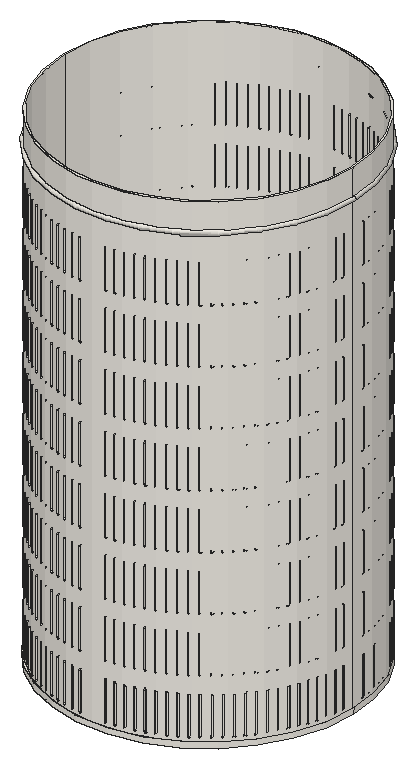
Revit family "Air Terminals_IVA", category Air Terminals, Revit 2017 (continued)
Definition of nested family "Void 3"
  Forms (mm)
    Extrusion 28, void
      sketch origin (0.003, -0.003, 240) x (0.728241, 0.685321, 0) y (0, 0, 1)
        loop
          line (2.5, 20) -> (2.5, 100)
      from -319.154 to 326.21
    Extrusion 29, void
      sketch origin (0.003, -0.003, 240) x (0.685321, 0.728241, 0) y (0, 0, 1)
        loop
          arc (2.5, 100) -> (0, 102.5) -> (-2.5, 100) r 2.5
          line (-2.5, 100) -> (-2.5, 20)
          arc (-2.5, 20) -> (0, 17.5) -> (2.5, 20) r 2.5
          line (2.5, 20) -> (2.5, 100)
      from -319.154 to 326.21
    Extrusion 30, void
      sketch origin (-0.003, -0.003, 240) x (0.639876, -0.768478, 0) y (0, 0, 1)
        loop
          arc (2.5, 100) -> (0, 102.5) -> (-2.5, 100) r 2.5
          line (-2.5, 100) -> (-2.5, 20)
          arc (-2.5, 20) -> (0, 17.5) -> (2.5, 20) r 2.5
          line (2.5, 20) -> (2.5, 100)
      from -319.154 to 326.21
    Extrusion 31, void
      sketch origin (-0.003, -0.003, 240) x (0.592074, -0.805883, 0) y (0, 0, 1)
        loop
          arc (2.5, 100) -> (0, 102.5) -> (-2.5, 100) r 2.5
          line (-2.5, 100) -> (-2.5, 20)
          arc (-2.5, 20) -> (0, 17.5) -> (2.5, 20) r 2.5
          line (2.5, 20) -> (2.5, 100)
      from -319.154 to 326.21
    Extrusion 32, void
      sketch origin (-0.004, -0.002, 240) x (0.542091, -0.84032, 0) y (0, 0, 1)
        loop
          arc (2.5, 100) -> (0, 102.5) -> (-2.5, 100) r 2.5
          line (-2.5, 100) -> (-2.5, 20)
          arc (-2.5, 20) -> (0, 17.5) -> (2.5, 20) r 2.5
          line (2.5, 20) -> (2.5, 100)
      from -319.154 to 326.21
    Extrusion 33, void
      sketch origin (-0.004, -0.002, 240) x (0.49011, -0.87166, 0) y (0, 0, 1)
        loop
          arc (2.5, 100) -> (0, 102.5) -> (-2.5, 100) r 2.5
          line (-2.5, 100) -> (-2.5, 20)
          arc (-2.5, 20) -> (0, 17.5) -> (2.5, 20) r 2.5
          line (2.5, 20) -> (2.5, 100)
      from -319.154 to 326.21
    Extrusion 34, void
      sketch origin (-0.004, -0.002, 240) x (0.436324, -0.89979, 0) y (0, 0, 1)
        loop
          arc (2.5, 100) -> (0, 102.5) -> (-2.5, 100) r 2.5
          line (-2.5, 100) -> (-2.5, 20)
          arc (-2.5, 20) -> (0, 17.5) -> (2.5, 20) r 2.5
          line (2.5, 20) -> (2.5, 100)
      from -319.154 to 326.21
    Extrusion 35, void
      sketch origin (-0.004, -0.002, 240) x (0.38093, -0.924604, 0) y (0, 0, 1)
        loop
          arc (2.5, 100) -> (0, 102.5) -> (-2.5, 100) r 2.5
          line (-2.5, 100) -> (-2.5, 20)
          arc (-2.5, 20) -> (0, 17.5) -> (2.5, 20) r 2.5
          line (2.5, 20) -> (2.5, 100)
      from -319.154 to 326.21
    Extrusion 36, void
      sketch origin (-0.004, -0.001, 240) x (0.324133, -0.946012, 0) y (0, 0, 1)
        loop
          arc (2.5, 100) -> (0, 102.5) -> (-2.5, 100) r 2.5
          line (-2.5, 100) -> (-2.5, 20)
          arc (-2.5, 20) -> (0, 17.5) -> (2.5, 20) r 2.5
          line (2.5, 20) -> (2.5, 100)
      from -319.154 to 326.21
    Extrusion 37, void
      sketch origin (-0.004, -0.001, 240) x (0.266141, -0.963934, 0) y (0, 0, 1)
        loop
          arc (2.5, 100) -> (0, 102.5) -> (-2.5, 100) r 2.5
          line (-2.5, 100) -> (-2.5, 20)
          arc (-2.5, 20) -> (0, 17.5) -> (2.5, 20) r 2.5
          line (2.5, 20) -> (2.5, 100)
      from -319.154 to 326.21
    Extrusion 38, void
      sketch origin (-0.004, -0.001, 240) x (0.207169, -0.978305, 0) y (0, 0, 1)
        loop
          arc (2.5, 100) -> (0, 102.5) -> (-2.5, 100) r 2.5
          line (-2.5, 100) -> (-2.5, 20)
          arc (-2.5, 20) -> (0, 17.5) -> (2.5, 20) r 2.5
          line (2.5, 20) -> (2.5, 100)
      from -319.154 to 326.21
    Extrusion 39, void
      sketch origin (-0.004, -0.001, 240) x (0.147434, -0.989072, 0) y (0, 0, 1)
        loop
          arc (2.5, 100) -> (0, 102.5) -> (-2.5, 100) r 2.5
          line (-2.5, 100) -> (-2.5, 20)
          arc (-2.5, 20) -> (0, 17.5) -> (2.5, 20) r 2.5
          line (2.5, 20) -> (2.5, 100)
      from -319.154 to 326.21
    Extrusion 40, void
      sketch origin (0.003, -0.003, 240) x (0.639876, 0.768478, 0) y (0, 0, 1)
        loop
          arc (2.5, 100) -> (0, 102.5) -> (-2.5, 100) r 2.5
          line (-2.5, 100) -> (-2.5, 20)
          arc (-2.5, 20) -> (0, 17.5) -> (2.5, 20) r 2.5
          line (2.5, 20) -> (2.5, 100)
      from -319.154 to 326.21
    Extrusion 41, void
      sketch origin (0.003, -0.003, 240) x (0.592074, 0.805883, 0) y (0, 0, 1)
        loop
          arc (2.5, 100) -> (0, 102.5) -> (-2.5, 100) r 2.5
          line (-2.5, 100) -> (-2.5, 20)
          arc (-2.5, 20) -> (0, 17.5) -> (2.5, 20) r 2.5
          line (2.5, 20) -> (2.5, 100)
      from -319.154 to 326.21
    Extrusion 42, void
      sketch origin (0.004, -0.002, 240) x (0.542091, 0.84032, 0) y (0, 0, 1)
        loop
          arc (2.5, 100) -> (0, 102.5) -> (-2.5, 100) r 2.5
          line (-2.5, 100) -> (-2.5, 20)
          arc (-2.5, 20) -> (0, 17.5) -> (2.5, 20) r 2.5
          line (2.5, 20) -> (2.5, 100)
      from -319.154 to 326.21
    Extrusion 43, void
      sketch origin (0.004, -0.002, 240) x (0.49011, 0.87166, 0) y (0, 0, 1)
        loop
          arc (2.5, 100) -> (0, 102.5) -> (-2.5, 100) r 2.5
          line (-2.5, 100) -> (-2.5, 20)
          arc (-2.5, 20) -> (0, 17.5) -> (2.5, 20) r 2.5
          line (2.5, 20) -> (2.5, 100)
      from -319.154 to 326.21
    Extrusion 44, void
      sketch origin (0.004, -0.002, 240) x (0.436324, 0.89979, 0) y (0, 0, 1)
        loop
          arc (2.5, 100) -> (0, 102.5) -> (-2.5, 100) r 2.5
          line (-2.5, 100) -> (-2.5, 20)
          arc (-2.5, 20) -> (0, 17.5) -> (2.5, 20) r 2.5
          line (2.5, 20) -> (2.5, 100)
      from -319.154 to 326.21
    Extrusion 45, void
      sketch origin (0.004, -0.002, 240) x (0.38093, 0.924604, 0) y (0, 0, 1)
        loop
          arc (2.5, 100) -> (0, 102.5) -> (-2.5, 100) r 2.5
          line (-2.5, 100) -> (-2.5, 20)
          arc (-2.5, 20) -> (0, 17.5) -> (2.5, 20) r 2.5
          line (2.5, 20) -> (2.5, 100)
      from -319.154 to 326.21
    Extrusion 46, void
      sketch origin (0.004, -0.001, 240) x (0.324133, 0.946012, 0) y (0, 0, 1)
        loop
          arc (2.5, 100) -> (0, 102.5) -> (-2.5, 100) r 2.5
          line (-2.5, 100) -> (-2.5, 20)
          arc (-2.5, 20) -> (0, 17.5) -> (2.5, 20) r 2.5
          line (2.5, 20) -> (2.5, 100)
      from -319.154 to 326.21
    Extrusion 47, void
      sketch origin (0.004, -0.001, 240) x (0.266141, 0.963934, 0) y (0, 0, 1)
        loop
          arc (2.5, 100) -> (0, 102.5) -> (-2.5, 100) r 2.5
          line (-2.5, 100) -> (-2.5, 20)
          arc (-2.5, 20) -> (0, 17.5) -> (2.5, 20) r 2.5
          line (2.5, 20) -> (2.5, 100)
      from -319.154 to 326.21
    Extrusion 48, void
      sketch origin (0.004, -0.001, 240) x (0.207169, 0.978305, 0) y (0, 0, 1)
        loop
          arc (2.5, 100) -> (0, 102.5) -> (-2.5, 100) r 2.5
          line (-2.5, 100) -> (-2.5, 20)
          arc (-2.5, 20) -> (0, 17.5) -> (2.5, 20) r 2.5
          line (2.5, 20) -> (2.5, 100)
      from -319.154 to 326.21
    Extrusion 49, void
      sketch origin (0.004, -0.001, 240) x (0.147434, 0.989072, 0) y (0, 0, 1)
        loop
          arc (2.5, 100) -> (0, 102.5) -> (-2.5, 100) r 2.5
          line (-2.5, 100) -> (-2.5, 20)
          arc (-2.5, 20) -> (0, 17.5) -> (2.5, 20) r 2.5
          line (2.5, 20) -> (2.5, 100)
      from -319.154 to 326.21
  Cuts and joins
    Extrusion 2, Extrusion 3, Extrusion 4, Extrusion 5, Extrusion 6, Extrusion 7, Extrusion 8, Extrusion 9, Extrusion 10, Extrusion 11, Extrusion 12, Extrusion 13, Extrusion 14, Extrusion 15, Extrusion 16, Extrusion 17, Extrusion 18, Extrusion 19, Extrusion 20, Extrusion 21, Extrusion 22, Extrusion 23, Extrusion 24, Extrusion 25, Extrusion 26, Extrusion 27, Extrusion 28, Extrusion 29, Extrusion 30, Extrusion 31, Extrusion 32, Extrusion 33, Extrusion 34, Extrusion 35, Extrusion 36, Extrusion 37, Extrusion 38, Extrusion 39, Extrusion 40, Extrusion 41, Extrusion 42, Extrusion 43, Extrusion 44, Extrusion 45, Extrusion 46, Extrusion 47, Extrusion 48, Extrusion 49 cuts Extrusion 1
  Dimensions and locks
    "Maß A": plane 4 to level
    "Maß ØD-4": diameter of Extrusion 1 sketch curve
    "Maß ØD": diameter of Extrusion 1 sketch curve
    aligned and locked: level to plane 2
    aligned and locked: plane 4 to Extrusion 1
  Automatic sketch dimensions
    Extrusion 2 sketch curve to Extrusion 2 sketch curve = 2.5 mm
    Extrusion 2 sketch curve to Extrusion 2 sketch curve = 80.0 mm
    Extrusion 3 sketch curve to Extrusion 3 sketch curve = 2.5 mm
    Extrusion 3 sketch curve to Extrusion 3 sketch curve = 80.0 mm
    Extrusion 4 sketch curve to Extrusion 4 sketch curve = 2.5 mm
    Extrusion 4 sketch curve to Extrusion 4 sketch curve = 80.0 mm
    Extrusion 5 sketch curve to Extrusion 5 sketch curve = 2.5 mm
    Extrusion 5 sketch curve to Extrusion 5 sketch curve = 80.0 mm
    Extrusion 6 sketch curve to Extrusion 6 sketch curve = 2.5 mm
    Extrusion 6 sketch curve to Extrusion 6 sketch curve = 80.0 mm
    Extrusion 7 sketch curve to Extrusion 7 sketch curve = 2.5 mm
    Extrusion 7 sketch curve to Extrusion 7 sketch curve = 80.0 mm
    Extrusion 8 sketch curve to Extrusion 8 sketch curve = 2.5 mm
    Extrusion 8 sketch curve to Extrusion 8 sketch curve = 80.0 mm
    Extrusion 9 sketch curve to Extrusion 9 sketch curve = 2.5 mm
    Extrusion 9 sketch curve to Extrusion 9 sketch curve = 80.0 mm
    Extrusion 10 sketch curve to Extrusion 10 sketch curve = 2.5 mm
    Extrusion 10 sketch curve to Extrusion 10 sketch curve = 80.0 mm
    Extrusion 11 sketch curve to Extrusion 11 sketch curve = 2.5 mm
    Extrusion 11 sketch curve to Extrusion 11 sketch curve = 80.0 mm
    Extrusion 12 sketch curve to Extrusion 12 sketch curve = 2.5 mm
    Extrusion 12 sketch curve to Extrusion 12 sketch curve = 80.0 mm
    Extrusion 13 sketch curve to Extrusion 13 sketch curve = 2.5 mm
    Extrusion 13 sketch curve to Extrusion 13 sketch curve = 80.0 mm
    Extrusion 14 sketch curve to Extrusion 14 sketch curve = 2.5 mm
    Extrusion 14 sketch curve to Extrusion 14 sketch curve = 80.0 mm
    Extrusion 15 sketch curve to Extrusion 15 sketch curve = 2.5 mm
    Extrusion 15 sketch curve to Extrusion 15 sketch curve = 80.0 mm
    Extrusion 16 sketch curve to Extrusion 16 sketch curve = 2.5 mm
    Extrusion 16 sketch curve to Extrusion 16 sketch curve = 80.0 mm
    Extrusion 17 sketch curve to Extrusion 17 sketch curve = 2.5 mm
    Extrusion 17 sketch curve to Extrusion 17 sketch curve = 80.0 mm
    Extrusion 18 sketch curve to Extrusion 18 sketch curve = 2.5 mm
    Extrusion 18 sketch curve to Extrusion 18 sketch curve = 80.0 mm
    Extrusion 19 sketch curve to Extrusion 19 sketch curve = 2.5 mm
    Extrusion 19 sketch curve to Extrusion 19 sketch curve = 80.0 mm
    Extrusion 20 sketch curve to Extrusion 20 sketch curve = 2.5 mm
    Extrusion 20 sketch curve to Extrusion 20 sketch curve = 80.0 mm
    Extrusion 21 sketch curve to Extrusion 21 sketch curve = 2.5 mm
    Extrusion 21 sketch curve to Extrusion 21 sketch curve = 80.0 mm
    Extrusion 22 sketch curve to Extrusion 22 sketch curve = 2.5 mm
    Extrusion 22 sketch curve to Extrusion 22 sketch curve = 80.0 mm
    Extrusion 23 sketch curve to Extrusion 23 sketch curve = 2.5 mm
    Extrusion 23 sketch curve to Extrusion 23 sketch curve = 80.0 mm
    Extrusion 24 sketch curve to Extrusion 24 sketch curve = 2.5 mm
    Extrusion 24 sketch curve to Extrusion 24 sketch curve = 80.0 mm
    Extrusion 25 sketch curve to Extrusion 25 sketch curve = 2.5 mm
    Extrusion 25 sketch curve to Extrusion 25 sketch curve = 80.0 mm
    Extrusion 26 sketch curve to Extrusion 26 sketch curve = 2.5 mm
    Extrusion 26 sketch curve to Extrusion 26 sketch curve = 80.0 mm
    Extrusion 27 sketch curve to Extrusion 27 sketch curve = 2.5 mm
    Extrusion 27 sketch curve to Extrusion 27 sketch curve = 80.0 mm
    Extrusion 28 sketch curve to Extrusion 28 sketch curve = 2.5 mm
    Extrusion 28 sketch curve to Extrusion 28 sketch curve = 80.0 mm
    Extrusion 29 sketch curve to Extrusion 29 sketch curve = 2.5 mm
    Extrusion 29 sketch curve to Extrusion 29 sketch curve = 80.0 mm
    Extrusion 30 sketch curve to Extrusion 30 sketch curve = 2.5 mm
    Extrusion 30 sketch curve to Extrusion 30 sketch curve = 80.0 mm
    Extrusion 31 sketch curve to Extrusion 31 sketch curve = 2.5 mm
    Extrusion 31 sketch curve to Extrusion 31 sketch curve = 80.0 mm
    Extrusion 32 sketch curve to Extrusion 32 sketch curve = 2.5 mm
    Extrusion 32 sketch curve to Extrusion 32 sketch curve = 80.0 mm
    Extrusion 33 sketch curve to Extrusion 33 sketch curve = 2.5 mm
    Extrusion 33 sketch curve to Extrusion 33 sketch curve = 80.0 mm
    Extrusion 34 sketch curve to Extrusion 34 sketch curve = 2.5 mm
    Extrusion 34 sketch curve to Extrusion 34 sketch curve = 80.0 mm
    Extrusion 35 sketch curve to Extrusion 35 sketch curve = 2.5 mm
    Extrusion 35 sketch curve to Extrusion 35 sketch curve = 80.0 mm
    Extrusion 36 sketch curve to Extrusion 36 sketch curve = 2.5 mm
    Extrusion 36 sketch curve to Extrusion 36 sketch curve = 80.0 mm
    Extrusion 37 sketch curve to Extrusion 37 sketch curve = 2.5 mm
    Extrusion 37 sketch curve to Extrusion 37 sketch curve = 80.0 mm
    Extrusion 38 sketch curve to Extrusion 38 sketch curve = 2.5 mm
    Extrusion 38 sketch curve to Extrusion 38 sketch curve = 80.0 mm
    Extrusion 39 sketch curve to Extrusion 39 sketch curve = 2.5 mm
    Extrusion 39 sketch curve to Extrusion 39 sketch curve = 80.0 mm
    Extrusion 40 sketch curve to Extrusion 40 sketch curve = 2.5 mm
    Extrusion 40 sketch curve to Extrusion 40 sketch curve = 80.0 mm
    Extrusion 41 sketch curve to Extrusion 41 sketch curve = 2.5 mm
    Extrusion 41 sketch curve to Extrusion 41 sketch curve = 80.0 mm
    Extrusion 42 sketch curve to Extrusion 42 sketch curve = 2.5 mm
    Extrusion 42 sketch curve to Extrusion 42 sketch curve = 80.0 mm
    Extrusion 43 sketch curve to Extrusion 43 sketch curve = 2.5 mm
    Extrusion 43 sketch curve to Extrusion 43 sketch curve = 80.0 mm
    Extrusion 44 sketch curve to Extrusion 44 sketch curve = 2.5 mm
    Extrusion 44 sketch curve to Extrusion 44 sketch curve = 80.0 mm
    Extrusion 45 sketch curve to Extrusion 45 sketch curve = 2.5 mm
    Extrusion 45 sketch curve to Extrusion 45 sketch curve = 80.0 mm
    Extrusion 46 sketch curve to Extrusion 46 sketch curve = 2.5 mm
    Extrusion 46 sketch curve to Extrusion 46 sketch curve = 80.0 mm
    Extrusion 47 sketch curve to Extrusion 47 sketch curve = 2.5 mm
    Extrusion 47 sketch curve to Extrusion 47 sketch curve = 80.0 mm
    Extrusion 48 sketch curve to Extrusion 48 sketch curve = 2.5 mm
    Extrusion 48 sketch curve to Extrusion 48 sketch curve = 80.0 mm
    Extrusion 49 sketch curve to Extrusion 49 sketch curve = 2.5 mm
    Extrusion 49 sketch curve to Extrusion 49 sketch curve = 80.0 mm
    Extrusion 1 sketch curve to Extrusion 1 sketch curve = 0.0 mm  (x2)
    plane 1 "Center (Front/Back)" to Extrusion 1 sketch curve = 0.0 mm
    Extrusion 1 sketch curve to plane 3 "Center (Left/Right)" = 0.0 mm
Definition of nested family "Void 4"
  Parameters (values of type "Void 4")
    Maß ØD-4 = Maß ØD - 6.0 mm  # 242.0 mm
    Maß ØD = 248.0 mm
    Maß A = 1059.5 mm
    Array radial = 14
  Reference planes
    plane 1 "Center (Front/Back)": y = 0
    plane 2: z = 0
    plane 3 "Center (Left/Right)": x = 0
    plane 4: z = 1059.5
  Forms (mm)
    Extrusion 1, solid
      sketch origin (0, 0, 0) x (1, 0, 0) y (0, 1, 0)
        loop
          circle (0, 0) r 124
        loop
          circle (0, 0) r 121
      from 0 to 1059.5
    Extrusion 2, void
      sketch origin (0, -0.004, 360) x (0.996195, -0.087156, 0) y (0, 0, 1)
        loop
          arc (2.5, 100) -> (0, 102.5) -> (-2.5, 100) r 2.5
          line (-2.5, 100) -> (-2.5, 20)
          arc (-2.5, 20) -> (0, 17.5) -> (2.5, 20) r 2.5
          line (2.5, 20) -> (2.5, 100)
      from -319.154 to 326.21
    Extrusion 3, void
      sketch origin (0, -0.004, 360) x (0.996195, 0.087156, 0) y (0, 0, 1)
        loop
          arc (2.5, 100) -> (0, 102.5) -> (-2.5, 100) r 2.5
          line (-2.5, 100) -> (-2.5, 20)
          arc (-2.5, 20) -> (0, 17.5) -> (2.5, 20) r 2.5
          line (2.5, 20) -> (2.5, 100)
      from -319.154 to 326.21
    Extrusion 4, void
      sketch origin (-0.004, 0, 360) x (0.087156, -0.996195, 0) y (0, 0, 1)
        loop
          arc (2.5, 100) -> (0, 102.5) -> (-2.5, 100) r 2.5
          line (-2.5, 100) -> (-2.5, 20)
          arc (-2.5, 20) -> (0, 17.5) -> (2.5, 20) r 2.5
          line (2.5, 20) -> (2.5, 100)
      from -319.154 to 326.21
    Extrusion 5, void
      sketch origin (-0.001, -0.004, 360) x (0.981111, -0.193444, 0) y (0, 0, 1)
        loop
          arc (2.5, 100) -> (0, 102.5) -> (-2.5, 100) r 2.5
          line (-2.5, 100) -> (-2.5, 20)
          arc (-2.5, 20) -> (0, 17.5) -> (2.5, 20) r 2.5
          line (2.5, 20) -> (2.5, 100)
      from -319.154 to 326.21
    Extrusion 6, void
      sketch origin (-0.001, -0.004, 360) x (0.954721, -0.297503, 0) y (0, 0, 1)
        loop
          arc (2.5, 100) -> (0, 102.5) -> (-2.5, 100) r 2.5
          line (-2.5, 100) -> (-2.5, 20)
          arc (-2.5, 20) -> (0, 17.5) -> (2.5, 20) r 2.5
          line (2.5, 20) -> (2.5, 100)
      from -319.154 to 326.21
    Extrusion 7, void
      sketch origin (-0.002, -0.004, 360) x (0.917328, -0.398133, 0) y (0, 0, 1)
        loop
          arc (2.5, 100) -> (0, 102.5) -> (-2.5, 100) r 2.5
          line (-2.5, 100) -> (-2.5, 20)
          arc (-2.5, 20) -> (0, 17.5) -> (2.5, 20) r 2.5
          line (2.5, 20) -> (2.5, 100)
      from -319.154 to 326.21
    Extrusion 8, void
      sketch origin (-0.002, -0.004, 360) x (0.869362, -0.494175, 0) y (0, 0, 1)
        loop
          arc (2.5, 100) -> (0, 102.5) -> (-2.5, 100) r 2.5
          line (-2.5, 100) -> (-2.5, 20)
          arc (-2.5, 20) -> (0, 17.5) -> (2.5, 20) r 2.5
          line (2.5, 20) -> (2.5, 100)
      from -319.154 to 326.21
    Extrusion 9, void
      sketch origin (-0.002, -0.003, 360) x (0.811378, -0.584522, 0) y (0, 0, 1)
        loop
          arc (2.5, 100) -> (0, 102.5) -> (-2.5, 100) r 2.5
          line (-2.5, 100) -> (-2.5, 20)
          arc (-2.5, 20) -> (0, 17.5) -> (2.5, 20) r 2.5
          line (2.5, 20) -> (2.5, 100)
      from -319.154 to 326.21
    Extrusion 10, void
      sketch origin (-0.003, -0.003, 360) x (0.744043, -0.668132, 0) y (0, 0, 1)
        loop
          arc (2.5, 100) -> (0, 102.5) -> (-2.5, 100) r 2.5
          line (-2.5, 100) -> (-2.5, 20)
          arc (-2.5, 20) -> (0, 17.5) -> (2.5, 20) r 2.5
          line (2.5, 20) -> (2.5, 100)
      from -319.154 to 326.21
    Extrusion 11, void
      sketch origin (-0.003, -0.003, 360) x (0.668132, -0.744043, 0) y (0, 0, 1)
        loop
          arc (2.5, 100) -> (0, 102.5) -> (-2.5, 100) r 2.5
          line (-2.5, 100) -> (-2.5, 20)
          arc (-2.5, 20) -> (0, 17.5) -> (2.5, 20) r 2.5
          line (2.5, 20) -> (2.5, 100)
      from -319.154 to 326.21
    Extrusion 12, void
      sketch origin (-0.003, -0.002, 360) x (0.584522, -0.811378, 0) y (0, 0, 1)
        loop
          arc (2.5, 100) -> (0, 102.5) -> (-2.5, 100) r 2.5
          line (-2.5, 100) -> (-2.5, 20)
          arc (-2.5, 20) -> (0, 17.5) -> (2.5, 20) r 2.5
          line (2.5, 20) -> (2.5, 100)
      from -319.154 to 326.21
    Extrusion 13, void
      sketch origin (-0.004, -0.002, 360) x (0.494175, -0.869362, 0) y (0, 0, 1)
        loop
          arc (2.5, 100) -> (0, 102.5) -> (-2.5, 100) r 2.5
          line (-2.5, 100) -> (-2.5, 20)
          arc (-2.5, 20) -> (0, 17.5) -> (2.5, 20) r 2.5
          line (2.5, 20) -> (2.5, 100)
      from -319.154 to 326.21
    Extrusion 14, void
      sketch origin (-0.004, -0.002, 360) x (0.398133, -0.917328, 0) y (0, 0, 1)
        loop
          arc (2.5, 100) -> (0, 102.5) -> (-2.5, 100) r 2.5
          line (-2.5, 100) -> (-2.5, 20)
          arc (-2.5, 20) -> (0, 17.5) -> (2.5, 20) r 2.5
          line (2.5, 20) -> (2.5, 100)
      from -319.154 to 326.21
    Extrusion 15, void
      sketch origin (-0.004, -0.001, 360) x (0.297503, -0.954721, 0) y (0, 0, 1)
        loop
          arc (2.5, 100) -> (0, 102.5) -> (-2.5, 100) r 2.5
          line (-2.5, 100) -> (-2.5, 20)
          arc (-2.5, 20) -> (0, 17.5) -> (2.5, 20) r 2.5
          line (2.5, 20) -> (2.5, 100)
      from -319.154 to 326.21
    Extrusion 16, void
      sketch origin (-0.004, -0.001, 360) x (0.193444, -0.981111, 0) y (0, 0, 1)
        loop
          arc (2.5, 100) -> (0, 102.5) -> (-2.5, 100) r 2.5
          line (-2.5, 100) -> (-2.5, 20)
          arc (-2.5, 20) -> (0, 17.5) -> (2.5, 20) r 2.5
          line (2.5, 20) -> (2.5, 100)
      from -319.154 to 326.21
    Extrusion 17, void
      sketch origin (0.004, 0, 360) x (0.087156, 0.996195, 0) y (0, 0, 1)
        loop
          arc (2.5, 100) -> (0, 102.5) -> (-2.5, 100) r 2.5
          line (-2.5, 100) -> (-2.5, 20)
          arc (-2.5, 20) -> (0, 17.5) -> (2.5, 20) r 2.5
          line (2.5, 20) -> (2.5, 100)
      from -319.154 to 326.21
    Extrusion 18, void
      sketch origin (0.001, -0.004, 360) x (0.981111, 0.193444, 0) y (0, 0, 1)
        loop
          arc (2.5, 100) -> (0, 102.5) -> (-2.5, 100) r 2.5
          line (-2.5, 100) -> (-2.5, 20)
          arc (-2.5, 20) -> (0, 17.5) -> (2.5, 20) r 2.5
          line (2.5, 20) -> (2.5, 100)
      from -319.154 to 326.21
    Extrusion 19, void
      sketch origin (0.001, -0.004, 360) x (0.954721, 0.297503, 0) y (0, 0, 1)
        loop
          arc (2.5, 100) -> (0, 102.5) -> (-2.5, 100) r 2.5
          line (-2.5, 100) -> (-2.5, 20)
          arc (-2.5, 20) -> (0, 17.5) -> (2.5, 20) r 2.5
          line (2.5, 20) -> (2.5, 100)
      from -319.154 to 326.21
    Extrusion 20, void
      sketch origin (0.002, -0.004, 360) x (0.917328, 0.398133, 0) y (0, 0, 1)
        loop
          arc (2.5, 100) -> (0, 102.5) -> (-2.5, 100) r 2.5
          line (-2.5, 100) -> (-2.5, 20)
          arc (-2.5, 20) -> (0, 17.5) -> (2.5, 20) r 2.5
          line (2.5, 20) -> (2.5, 100)
      from -319.154 to 326.21
    Extrusion 21, void
      sketch origin (0.002, -0.004, 360) x (0.869362, 0.494175, 0) y (0, 0, 1)
        loop
          arc (2.5, 100) -> (0, 102.5) -> (-2.5, 100) r 2.5
          line (-2.5, 100) -> (-2.5, 20)
          arc (-2.5, 20) -> (0, 17.5) -> (2.5, 20) r 2.5
          line (2.5, 20) -> (2.5, 100)
      from -319.154 to 326.21
    Extrusion 22, void
      sketch origin (0.002, -0.003, 360) x (0.811378, 0.584522, 0) y (0, 0, 1)
        loop
          arc (2.5, 100) -> (0, 102.5) -> (-2.5, 100) r 2.5
          line (-2.5, 100) -> (-2.5, 20)
          arc (-2.5, 20) -> (0, 17.5) -> (2.5, 20) r 2.5
          line (2.5, 20) -> (2.5, 100)
      from -319.154 to 326.21
    Extrusion 23, void
      sketch origin (0.003, -0.003, 360) x (0.744043, 0.668132, 0) y (0, 0, 1)
        loop
          arc (2.5, 100) -> (0, 102.5) -> (-2.5, 100) r 2.5
          line (-2.5, 100) -> (-2.5, 20)
          arc (-2.5, 20) -> (0, 17.5) -> (2.5, 20) r 2.5
          line (2.5, 20) -> (2.5, 100)
      from -319.154 to 326.21
    Extrusion 24, void
      sketch origin (0.003, -0.003, 360) x (0.668132, 0.744043, 0) y (0, 0, 1)
        loop
          arc (2.5, 100) -> (0, 102.5) -> (-2.5, 100) r 2.5
          line (-2.5, 100) -> (-2.5, 20)
          arc (-2.5, 20) -> (0, 17.5) -> (2.5, 20) r 2.5
          line (2.5, 20) -> (2.5, 100)
      from -319.154 to 326.21
    Extrusion 25, void
      sketch origin (0.003, -0.002, 360) x (0.584522, 0.811378, 0) y (0, 0, 1)
        loop
          arc (2.5, 100) -> (0, 102.5) -> (-2.5, 100) r 2.5
          line (-2.5, 100) -> (-2.5, 20)
          arc (-2.5, 20) -> (0, 17.5) -> (2.5, 20) r 2.5
          line (2.5, 20) -> (2.5, 100)
      from -319.154 to 326.21
    Extrusion 26, void
      sketch origin (0.004, -0.002, 360) x (0.494175, 0.869362, 0) y (0, 0, 1)
        loop
          arc (2.5, 100) -> (0, 102.5) -> (-2.5, 100) r 2.5
          line (-2.5, 100) -> (-2.5, 20)
          arc (-2.5, 20) -> (0, 17.5) -> (2.5, 20) r 2.5
          line (2.5, 20) -> (2.5, 100)
      from -319.154 to 326.21
    Extrusion 27, void
      sketch origin (0.004, -0.002, 360) x (0.398133, 0.917328, 0) y (0, 0, 1)
        loop
          arc (2.5, 100) -> (0, 102.5) -> (-2.5, 100) r 2.5
          line (-2.5, 100) -> (-2.5, 20)
          arc (-2.5, 20) -> (0, 17.5) -> (2.5, 20) r 2.5
          line (2.5, 20) -> (2.5, 100)
      from -319.154 to 326.21
    Extrusion 28, void
      sketch origin (0.004, -0.001, 360) x (0.297503, 0.954721, 0) y (0, 0, 1)
        loop
          arc (2.5, 100) -> (0, 102.5) -> (-2.5, 100) r 2.5
          line (-2.5, 100) -> (-2.5, 20)
          arc (-2.5, 20) -> (0, 17.5) -> (2.5, 20) r 2.5
          line (2.5, 20) -> (2.5, 100)
      from -319.154 to 326.21
    Extrusion 29, void
      sketch origin (0.004, -0.001, 360) x (0.193444, 0.981111, 0) y (0, 0, 1)
        loop
          arc (2.5, 100) -> (0, 102.5) -> (-2.5, 100) r 2.5
          line (-2.5, 100) -> (-2.5, 20)
          arc (-2.5, 20) -> (0, 17.5) -> (2.5, 20) r 2.5
          line (2.5, 20) -> (2.5, 100)
      from -319.154 to 326.21
  Cuts and joins
    Extrusion 2, Extrusion 3, Extrusion 4, Extrusion 5, Extrusion 6, Extrusion 7, Extrusion 8, Extrusion 9, Extrusion 10, Extrusion 11, Extrusion 12, Extrusion 13, Extrusion 14, Extrusion 15, Extrusion 16, Extrusion 17, Extrusion 18, Extrusion 19, Extrusion 20, Extrusion 21, Extrusion 22, Extrusion 23, Extrusion 24, Extrusion 25, Extrusion 26, Extrusion 27, Extrusion 28, Extrusion 29 cuts Extrusion 1
  Dimensions and locks
    "Maß A": plane 4 to level
    "Maß ØD-4": diameter of Extrusion 1 sketch curve
    "Maß ØD": diameter of Extrusion 1 sketch curve
    aligned and locked: level to plane 2
    aligned and locked: plane 4 to Extrusion 1
  Automatic sketch dimensions
    Extrusion 2 sketch curve to Extrusion 2 sketch curve = 2.5 mm
    Extrusion 2 sketch curve to Extrusion 2 sketch curve = 80.0 mm
    Extrusion 3 sketch curve to Extrusion 3 sketch curve = 2.5 mm
    Extrusion 3 sketch curve to Extrusion 3 sketch curve = 80.0 mm
    Extrusion 4 sketch curve to Extrusion 4 sketch curve = 2.5 mm
    Extrusion 4 sketch curve to Extrusion 4 sketch curve = 80.0 mm
    Extrusion 5 sketch curve to Extrusion 5 sketch curve = 2.5 mm
    Extrusion 5 sketch curve to Extrusion 5 sketch curve = 80.0 mm
    Extrusion 6 sketch curve to Extrusion 6 sketch curve = 2.5 mm
    Extrusion 6 sketch curve to Extrusion 6 sketch curve = 80.0 mm
    Extrusion 7 sketch curve to Extrusion 7 sketch curve = 2.5 mm
    Extrusion 7 sketch curve to Extrusion 7 sketch curve = 80.0 mm
    Extrusion 8 sketch curve to Extrusion 8 sketch curve = 2.5 mm
    Extrusion 8 sketch curve to Extrusion 8 sketch curve = 80.0 mm
    Extrusion 9 sketch curve to Extrusion 9 sketch curve = 2.5 mm
    Extrusion 9 sketch curve to Extrusion 9 sketch curve = 80.0 mm
    Extrusion 10 sketch curve to Extrusion 10 sketch curve = 2.5 mm
    Extrusion 10 sketch curve to Extrusion 10 sketch curve = 80.0 mm
    Extrusion 11 sketch curve to Extrusion 11 sketch curve = 2.5 mm
    Extrusion 11 sketch curve to Extrusion 11 sketch curve = 80.0 mm
    Extrusion 12 sketch curve to Extrusion 12 sketch curve = 2.5 mm
    Extrusion 12 sketch curve to Extrusion 12 sketch curve = 80.0 mm
    Extrusion 13 sketch curve to Extrusion 13 sketch curve = 2.5 mm
    Extrusion 13 sketch curve to Extrusion 13 sketch curve = 80.0 mm
    Extrusion 14 sketch curve to Extrusion 14 sketch curve = 2.5 mm
    Extrusion 14 sketch curve to Extrusion 14 sketch curve = 80.0 mm
    Extrusion 15 sketch curve to Extrusion 15 sketch curve = 2.5 mm
    Extrusion 15 sketch curve to Extrusion 15 sketch curve = 80.0 mm
    Extrusion 16 sketch curve to Extrusion 16 sketch curve = 2.5 mm
    Extrusion 16 sketch curve to Extrusion 16 sketch curve = 80.0 mm
    Extrusion 17 sketch curve to Extrusion 17 sketch curve = 2.5 mm
    Extrusion 17 sketch curve to Extrusion 17 sketch curve = 80.0 mm
    Extrusion 18 sketch curve to Extrusion 18 sketch curve = 2.5 mm
    Extrusion 18 sketch curve to Extrusion 18 sketch curve = 80.0 mm
    Extrusion 19 sketch curve to Extrusion 19 sketch curve = 2.5 mm
    Extrusion 19 sketch curve to Extrusion 19 sketch curve = 80.0 mm
    Extrusion 20 sketch curve to Extrusion 20 sketch curve = 2.5 mm
    Extrusion 20 sketch curve to Extrusion 20 sketch curve = 80.0 mm
    Extrusion 21 sketch curve to Extrusion 21 sketch curve = 2.5 mm
    Extrusion 21 sketch curve to Extrusion 21 sketch curve = 80.0 mm
    Extrusion 22 sketch curve to Extrusion 22 sketch curve = 2.5 mm
    Extrusion 22 sketch curve to Extrusion 22 sketch curve = 80.0 mm
    Extrusion 23 sketch curve to Extrusion 23 sketch curve = 2.5 mm
    Extrusion 23 sketch curve to Extrusion 23 sketch curve = 80.0 mm
    Extrusion 24 sketch curve to Extrusion 24 sketch curve = 2.5 mm
    Extrusion 24 sketch curve to Extrusion 24 sketch curve = 80.0 mm
    Extrusion 25 sketch curve to Extrusion 25 sketch curve = 2.5 mm
    Extrusion 25 sketch curve to Extrusion 25 sketch curve = 80.0 mm
    Extrusion 26 sketch curve to Extrusion 26 sketch curve = 2.5 mm
    Extrusion 26 sketch curve to Extrusion 26 sketch curve = 80.0 mm
    Extrusion 27 sketch curve to Extrusion 27 sketch curve = 2.5 mm
    Extrusion 27 sketch curve to Extrusion 27 sketch curve = 80.0 mm
    Extrusion 28 sketch curve to Extrusion 28 sketch curve = 2.5 mm
    Extrusion 28 sketch curve to Extrusion 28 sketch curve = 80.0 mm
    Extrusion 29 sketch curve to Extrusion 29 sketch curve = 2.5 mm
    Extrusion 29 sketch curve to Extrusion 29 sketch curve = 80.0 mm
    Extrusion 1 sketch curve to Extrusion 1 sketch curve = 0.0 mm  (x2)
    plane 1 "Center (Front/Back)" to Extrusion 1 sketch curve = 0.0 mm
    Extrusion 1 sketch curve to plane 3 "Center (Left/Right)" = 0.0 mm
Definition of nested family "Void 5"
  Parameters (values of type "Void 5")
    Maß ØD-4 = Maß ØD - 6.0 mm  # 242.0 mm
    Maß ØD = 248.0 mm
    Maß A = 1059.5 mm
    Array radial = 14
  Reference planes
    plane 1 "Center (Front/Back)": y = 0
    plane 2: z = 0
    plane 3 "Center (Left/Right)": x = 0
    plane 4: z = 1059.5
  Forms (mm)
    Extrusion 1, solid
      sketch origin (0, 0, 0) x (1, 0, 0) y (0, 1, 0)
        loop
          circle (0, 0) r 124
        loop
          circle (0, 0) r 121
      from 0 to 1059.5
    Extrusion 2, void
      sketch origin (0, -0.004, 480) x (0.996195, -0.087156, 0) y (0, 0, 1)
        loop
          arc (2.5, 100) -> (0, 102.5) -> (-2.5, 100) r 2.5
          line (-2.5, 100) -> (-2.5, 20)
          arc (-2.5, 20) -> (0, 17.5) -> (2.5, 20) r 2.5
          line (2.5, 20) -> (2.5, 100)
      from -319.154 to 326.21
    Extrusion 3, void
      sketch origin (0, -0.004, 480) x (0.996195, 0.087156, 0) y (0, 0, 1)
        loop
          arc (2.5, 100) -> (0, 102.5) -> (-2.5, 100) r 2.5
          line (-2.5, 100) -> (-2.5, 20)
          arc (-2.5, 20) -> (0, 17.5) -> (2.5, 20) r 2.5
          line (2.5, 20) -> (2.5, 100)
      from -319.154 to 326.21
    Extrusion 4, void
      sketch origin (-0.004, 0, 480) x (0.087156, -0.996195, 0) y (0, 0, 1)
        loop
          arc (2.5, 100) -> (0, 102.5) -> (-2.5, 100) r 2.5
          line (-2.5, 100) -> (-2.5, 20)
          arc (-2.5, 20) -> (0, 17.5) -> (2.5, 20) r 2.5
          line (2.5, 20) -> (2.5, 100)
      from -319.154 to 326.21
    Extrusion 5, void
      sketch origin (-0.001, -0.004, 480) x (0.981111, -0.193444, 0) y (0, 0, 1)
        loop
          arc (2.5, 100) -> (0, 102.5) -> (-2.5, 100) r 2.5
          line (-2.5, 100) -> (-2.5, 20)
          arc (-2.5, 20) -> (0, 17.5) -> (2.5, 20) r 2.5
          line (2.5, 20) -> (2.5, 100)
      from -319.154 to 326.21
    Extrusion 6, void
      sketch origin (-0.001, -0.004, 480) x (0.954721, -0.297503, 0) y (0, 0, 1)
        loop
          arc (2.5, 100) -> (0, 102.5) -> (-2.5, 100) r 2.5
          line (-2.5, 100) -> (-2.5, 20)
          arc (-2.5, 20) -> (0, 17.5) -> (2.5, 20) r 2.5
          line (2.5, 20) -> (2.5, 100)
      from -319.154 to 326.21
    Extrusion 7, void
      sketch origin (-0.002, -0.004, 480) x (0.917328, -0.398133, 0) y (0, 0, 1)
        loop
          arc (2.5, 100) -> (0, 102.5) -> (-2.5, 100) r 2.5
          line (-2.5, 100) -> (-2.5, 20)
          arc (-2.5, 20) -> (0, 17.5) -> (2.5, 20) r 2.5
          line (2.5, 20) -> (2.5, 100)
      from -319.154 to 326.21
    Extrusion 8, void
      sketch origin (-0.002, -0.004, 480) x (0.869362, -0.494175, 0) y (0, 0, 1)
        loop
          arc (2.5, 100) -> (0, 102.5) -> (-2.5, 100) r 2.5
          line (-2.5, 100) -> (-2.5, 20)
          arc (-2.5, 20) -> (0, 17.5) -> (2.5, 20) r 2.5
          line (2.5, 20) -> (2.5, 100)
      from -319.154 to 326.21
    Extrusion 9, void
      sketch origin (-0.002, -0.003, 480) x (0.811378, -0.584522, 0) y (0, 0, 1)
        loop
          arc (2.5, 100) -> (0, 102.5) -> (-2.5, 100) r 2.5
          line (-2.5, 100) -> (-2.5, 20)
          arc (-2.5, 20) -> (0, 17.5) -> (2.5, 20) r 2.5
          line (2.5, 20) -> (2.5, 100)
      from -319.154 to 326.21
    Extrusion 10, void
      sketch origin (-0.003, -0.003, 480) x (0.744043, -0.668132, 0) y (0, 0, 1)
        loop
          arc (2.5, 100) -> (0, 102.5) -> (-2.5, 100) r 2.5
          line (-2.5, 100) -> (-2.5, 20)
          arc (-2.5, 20) -> (0, 17.5) -> (2.5, 20) r 2.5
          line (2.5, 20) -> (2.5, 100)
      from -319.154 to 326.21
    Extrusion 11, void
      sketch origin (-0.003, -0.003, 480) x (0.668132, -0.744043, 0) y (0, 0, 1)
        loop
          arc (2.5, 100) -> (0, 102.5) -> (-2.5, 100) r 2.5
          line (-2.5, 100) -> (-2.5, 20)
          arc (-2.5, 20) -> (0, 17.5) -> (2.5, 20) r 2.5
          line (2.5, 20) -> (2.5, 100)
      from -319.154 to 326.21
    Extrusion 12, void
      sketch origin (-0.003, -0.002, 480) x (0.584522, -0.811378, 0) y (0, 0, 1)
        loop
          arc (2.5, 100) -> (0, 102.5) -> (-2.5, 100) r 2.5
          line (-2.5, 100) -> (-2.5, 20)
          arc (-2.5, 20) -> (0, 17.5) -> (2.5, 20) r 2.5
          line (2.5, 20) -> (2.5, 100)
      from -319.154 to 326.21
    Extrusion 13, void
      sketch origin (-0.004, -0.002, 480) x (0.494175, -0.869362, 0) y (0, 0, 1)
        loop
          arc (2.5, 100) -> (0, 102.5) -> (-2.5, 100) r 2.5
          line (-2.5, 100) -> (-2.5, 20)
          arc (-2.5, 20) -> (0, 17.5) -> (2.5, 20) r 2.5
          line (2.5, 20) -> (2.5, 100)
      from -319.154 to 326.21
    Extrusion 14, void
      sketch origin (-0.004, -0.002, 480) x (0.398133, -0.917328, 0) y (0, 0, 1)
        loop
          arc (2.5, 100) -> (0, 102.5) -> (-2.5, 100) r 2.5
          line (-2.5, 100) -> (-2.5, 20)
          arc (-2.5, 20) -> (0, 17.5) -> (2.5, 20) r 2.5
          line (2.5, 20) -> (2.5, 100)
      from -319.154 to 326.21
    Extrusion 15, void
      sketch origin (-0.004, -0.001, 480) x (0.297503, -0.954721, 0) y (0, 0, 1)
        loop
          arc (2.5, 100) -> (0, 102.5) -> (-2.5, 100) r 2.5
          line (-2.5, 100) -> (-2.5, 20)
          arc (-2.5, 20) -> (0, 17.5) -> (2.5, 20) r 2.5
          line (2.5, 20) -> (2.5, 100)
      from -319.154 to 326.21
    Extrusion 16, void
      sketch origin (-0.004, -0.001, 480) x (0.193444, -0.981111, 0) y (0, 0, 1)
        loop
          arc (2.5, 100) -> (0, 102.5) -> (-2.5, 100) r 2.5
          line (-2.5, 100) -> (-2.5, 20)
          arc (-2.5, 20) -> (0, 17.5) -> (2.5, 20) r 2.5
          line (2.5, 20) -> (2.5, 100)
      from -319.154 to 326.21
    Extrusion 17, void
      sketch origin (0.004, 0, 480) x (0.087156, 0.996195, 0) y (0, 0, 1)
        loop
          arc (2.5, 100) -> (0, 102.5) -> (-2.5, 100) r 2.5
          line (-2.5, 100) -> (-2.5, 20)
          arc (-2.5, 20) -> (0, 17.5) -> (2.5, 20) r 2.5
          line (2.5, 20) -> (2.5, 100)
      from -319.154 to 326.21
    Extrusion 18, void
      sketch origin (0.001, -0.004, 480) x (0.981111, 0.193444, 0) y (0, 0, 1)
        loop
          arc (2.5, 100) -> (0, 102.5) -> (-2.5, 100) r 2.5
          line (-2.5, 100) -> (-2.5, 20)
          arc (-2.5, 20) -> (0, 17.5) -> (2.5, 20) r 2.5
          line (2.5, 20) -> (2.5, 100)
      from -319.154 to 326.21
    Extrusion 19, void
      sketch origin (0.001, -0.004, 480) x (0.954721, 0.297503, 0) y (0, 0, 1)
        loop
          arc (2.5, 100) -> (0, 102.5) -> (-2.5, 100) r 2.5
          line (-2.5, 100) -> (-2.5, 20)
          arc (-2.5, 20) -> (0, 17.5) -> (2.5, 20) r 2.5
          line (2.5, 20) -> (2.5, 100)
      from -319.154 to 326.21
    Extrusion 20, void
      sketch origin (0.002, -0.004, 480) x (0.917328, 0.398133, 0) y (0, 0, 1)
        loop
          arc (2.5, 100) -> (0, 102.5) -> (-2.5, 100) r 2.5
          line (-2.5, 100) -> (-2.5, 20)
          arc (-2.5, 20) -> (0, 17.5) -> (2.5, 20) r 2.5
          line (2.5, 20) -> (2.5, 100)
      from -319.154 to 326.21
    Extrusion 21, void
      sketch origin (0.002, -0.004, 480) x (0.869362, 0.494175, 0) y (0, 0, 1)
        loop
          arc (2.5, 100) -> (0, 102.5) -> (-2.5, 100) r 2.5
          line (-2.5, 100) -> (-2.5, 20)
          arc (-2.5, 20) -> (0, 17.5) -> (2.5, 20) r 2.5
          line (2.5, 20) -> (2.5, 100)
      from -319.154 to 326.21
    Extrusion 22, void
      sketch origin (0.002, -0.003, 480) x (0.811378, 0.584522, 0) y (0, 0, 1)
        loop
          arc (2.5, 100) -> (0, 102.5) -> (-2.5, 100) r 2.5
          line (-2.5, 100) -> (-2.5, 20)
          arc (-2.5, 20) -> (0, 17.5) -> (2.5, 20) r 2.5
          line (2.5, 20) -> (2.5, 100)
      from -319.154 to 326.21
    Extrusion 23, void
      sketch origin (0.003, -0.003, 480) x (0.744043, 0.668132, 0) y (0, 0, 1)
        loop
          arc (2.5, 100) -> (0, 102.5) -> (-2.5, 100) r 2.5
          line (-2.5, 100) -> (-2.5, 20)
          arc (-2.5, 20) -> (0, 17.5) -> (2.5, 20) r 2.5
          line (2.5, 20) -> (2.5, 100)
      from -319.154 to 326.21
    Extrusion 24, void
      sketch origin (0.003, -0.003, 480) x (0.668132, 0.744043, 0) y (0, 0, 1)
        loop
          arc (2.5, 100) -> (0, 102.5) -> (-2.5, 100) r 2.5
          line (-2.5, 100) -> (-2.5, 20)
          arc (-2.5, 20) -> (0, 17.5) -> (2.5, 20) r 2.5
          line (2.5, 20) -> (2.5, 100)
      from -319.154 to 326.21
    Extrusion 25, void
      sketch origin (0.003, -0.002, 480) x (0.584522, 0.811378, 0) y (0, 0, 1)
        loop
          arc (2.5, 100) -> (0, 102.5) -> (-2.5, 100) r 2.5
          line (-2.5, 100) -> (-2.5, 20)
          arc (-2.5, 20) -> (0, 17.5) -> (2.5, 20) r 2.5
          line (2.5, 20) -> (2.5, 100)
      from -319.154 to 326.21
    Extrusion 26, void
      sketch origin (0.004, -0.002, 480) x (0.494175, 0.869362, 0) y (0, 0, 1)
        loop
          arc (2.5, 100) -> (0, 102.5) -> (-2.5, 100) r 2.5
          line (-2.5, 100) -> (-2.5, 20)
          arc (-2.5, 20) -> (0, 17.5) -> (2.5, 20) r 2.5
          line (2.5, 20) -> (2.5, 100)
      from -319.154 to 326.21
    Extrusion 27, void
      sketch origin (0.004, -0.002, 480) x (0.398133, 0.917328, 0) y (0, 0, 1)
        loop
          arc (2.5, 100) -> (0, 102.5) -> (-2.5, 100) r 2.5
          line (-2.5, 100) -> (-2.5, 20)
          arc (-2.5, 20) -> (0, 17.5) -> (2.5, 20) r 2.5
          line (2.5, 20) -> (2.5, 100)
      from -319.154 to 326.21
    Extrusion 28, void
      sketch origin (0.004, -0.001, 480) x (0.297503, 0.954721, 0) y (0, 0, 1)
        loop
          arc (2.5, 100) -> (0, 102.5) -> (-2.5, 100) r 2.5
          line (-2.5, 100) -> (-2.5, 20)
          arc (-2.5, 20) -> (0, 17.5) -> (2.5, 20) r 2.5
          line (2.5, 20) -> (2.5, 100)
      from -319.154 to 326.21
    Extrusion 29, void
      sketch origin (0.004, -0.001, 480) x (0.193444, 0.981111, 0) y (0, 0, 1)
        loop
          arc (2.5, 100) -> (0, 102.5) -> (-2.5, 100) r 2.5
          line (-2.5, 100) -> (-2.5, 20)
          arc (-2.5, 20) -> (0, 17.5) -> (2.5, 20) r 2.5
          line (2.5, 20) -> (2.5, 100)
      from -319.154 to 326.21
  Cuts and joins
    Extrusion 2, Extrusion 3, Extrusion 4, Extrusion 5, Extrusion 6, Extrusion 7, Extrusion 8, Extrusion 9, Extrusion 10, Extrusion 11, Extrusion 12, Extrusion 13, Extrusion 14, Extrusion 15, Extrusion 16, Extrusion 17, Extrusion 18, Extrusion 19, Extrusion 20, Extrusion 21, Extrusion 22, Extrusion 23, Extrusion 24, Extrusion 25, Extrusion 26, Extrusion 27, Extrusion 28, Extrusion 29 cuts Extrusion 1
  Dimensions and locks
    "Maß A": plane 4 to level
    "Maß ØD-4": diameter of Extrusion 1 sketch curve
    "Maß ØD": diameter of Extrusion 1 sketch curve
    aligned and locked: level to plane 2
    aligned and locked: plane 4 to Extrusion 1
  Automatic sketch dimensions
    Extrusion 2 sketch curve to Extrusion 2 sketch curve = 2.5 mm
    Extrusion 2 sketch curve to Extrusion 2 sketch curve = 80.0 mm
    Extrusion 3 sketch curve to Extrusion 3 sketch curve = 2.5 mm
    Extrusion 3 sketch curve to Extrusion 3 sketch curve = 80.0 mm
    Extrusion 4 sketch curve to Extrusion 4 sketch curve = 2.5 mm
    Extrusion 4 sketch curve to Extrusion 4 sketch curve = 80.0 mm
    Extrusion 5 sketch curve to Extrusion 5 sketch curve = 2.5 mm
    Extrusion 5 sketch curve to Extrusion 5 sketch curve = 80.0 mm
    Extrusion 6 sketch curve to Extrusion 6 sketch curve = 2.5 mm
    Extrusion 6 sketch curve to Extrusion 6 sketch curve = 80.0 mm
    Extrusion 7 sketch curve to Extrusion 7 sketch curve = 2.5 mm
    Extrusion 7 sketch curve to Extrusion 7 sketch curve = 80.0 mm
    Extrusion 8 sketch curve to Extrusion 8 sketch curve = 2.5 mm
    Extrusion 8 sketch curve to Extrusion 8 sketch curve = 80.0 mm
    Extrusion 9 sketch curve to Extrusion 9 sketch curve = 2.5 mm
    Extrusion 9 sketch curve to Extrusion 9 sketch curve = 80.0 mm
    Extrusion 10 sketch curve to Extrusion 10 sketch curve = 2.5 mm
    Extrusion 10 sketch curve to Extrusion 10 sketch curve = 80.0 mm
    Extrusion 11 sketch curve to Extrusion 11 sketch curve = 2.5 mm
    Extrusion 11 sketch curve to Extrusion 11 sketch curve = 80.0 mm
    Extrusion 12 sketch curve to Extrusion 12 sketch curve = 2.5 mm
    Extrusion 12 sketch curve to Extrusion 12 sketch curve = 80.0 mm
    Extrusion 13 sketch curve to Extrusion 13 sketch curve = 2.5 mm
    Extrusion 13 sketch curve to Extrusion 13 sketch curve = 80.0 mm
    Extrusion 14 sketch curve to Extrusion 14 sketch curve = 2.5 mm
    Extrusion 14 sketch curve to Extrusion 14 sketch curve = 80.0 mm
    Extrusion 15 sketch curve to Extrusion 15 sketch curve = 2.5 mm
    Extrusion 15 sketch curve to Extrusion 15 sketch curve = 80.0 mm
    Extrusion 16 sketch curve to Extrusion 16 sketch curve = 2.5 mm
    Extrusion 16 sketch curve to Extrusion 16 sketch curve = 80.0 mm
    Extrusion 17 sketch curve to Extrusion 17 sketch curve = 2.5 mm
    Extrusion 17 sketch curve to Extrusion 17 sketch curve = 80.0 mm
    Extrusion 18 sketch curve to Extrusion 18 sketch curve = 2.5 mm
    Extrusion 18 sketch curve to Extrusion 18 sketch curve = 80.0 mm
    Extrusion 19 sketch curve to Extrusion 19 sketch curve = 2.5 mm
    Extrusion 19 sketch curve to Extrusion 19 sketch curve = 80.0 mm
    Extrusion 20 sketch curve to Extrusion 20 sketch curve = 2.5 mm
    Extrusion 20 sketch curve to Extrusion 20 sketch curve = 80.0 mm
    Extrusion 21 sketch curve to Extrusion 21 sketch curve = 2.5 mm
    Extrusion 21 sketch curve to Extrusion 21 sketch curve = 80.0 mm
    Extrusion 22 sketch curve to Extrusion 22 sketch curve = 2.5 mm
    Extrusion 22 sketch curve to Extrusion 22 sketch curve = 80.0 mm
    Extrusion 23 sketch curve to Extrusion 23 sketch curve = 2.5 mm
    Extrusion 23 sketch curve to Extrusion 23 sketch curve = 80.0 mm
    Extrusion 24 sketch curve to Extrusion 24 sketch curve = 2.5 mm
    Extrusion 24 sketch curve to Extrusion 24 sketch curve = 80.0 mm
    Extrusion 25 sketch curve to Extrusion 25 sketch curve = 2.5 mm
    Extrusion 25 sketch curve to Extrusion 25 sketch curve = 80.0 mm
    Extrusion 26 sketch curve to Extrusion 26 sketch curve = 2.5 mm
    Extrusion 26 sketch curve to Extrusion 26 sketch curve = 80.0 mm
    Extrusion 27 sketch curve to Extrusion 27 sketch curve = 2.5 mm
    Extrusion 27 sketch curve to Extrusion 27 sketch curve = 80.0 mm
    Extrusion 28 sketch curve to Extrusion 28 sketch curve = 2.5 mm
    Extrusion 28 sketch curve to Extrusion 28 sketch curve = 80.0 mm
    Extrusion 29 sketch curve to Extrusion 29 sketch curve = 2.5 mm
    Extrusion 29 sketch curve to Extrusion 29 sketch curve = 80.0 mm
    Extrusion 1 sketch curve to Extrusion 1 sketch curve = 0.0 mm  (x2)
    plane 1 "Center (Front/Back)" to Extrusion 1 sketch curve = 0.0 mm
    Extrusion 1 sketch curve to plane 3 "Center (Left/Right)" = 0.0 mm
Definition of nested family "Void 6"
  Parameters (values of type "Void 6")
    Maß ØD-4 = Maß ØD - 6.0 mm  # 242.0 mm
    Maß ØD = 248.0 mm
    Maß A = 1059.5 mm
    Array radial = 14
  Reference planes
    plane 1 "Center (Front/Back)": y = 0
    plane 2: z = 0
    plane 3 "Center (Left/Right)": x = 0
    plane 4: z = 1059.5
  Forms (mm)
    Extrusion 1, solid
      sketch origin (0, 0, 0) x (1, 0, 0) y (0, 1, 0)
        loop
          circle (0, 0) r 124
        loop
          circle (0, 0) r 121
      from 0 to 1059.5
    Extrusion 2, void, not visible
      sketch origin (0, -0.004, 0) x (0.996195, -0.087156, 0) y (0, 0, 1)
        loop
          arc (2.5, 100) -> (0, 102.5) -> (-2.5, 100) r 2.5
          line (-2.5, 100) -> (-2.5, 20)
          arc (-2.5, 20) -> (0, 17.5) -> (2.5, 20) r 2.5
          line (2.5, 20) -> (2.5, 100)
      from -319.154 to 326.21
    Extrusion 3, void, not visible
      sketch origin (0, -0.004, 0) x (0.996195, 0.087156, 0) y (0, 0, 1)
        loop
          arc (2.5, 100) -> (0, 102.5) -> (-2.5, 100) r 2.5
          line (-2.5, 100) -> (-2.5, 20)
          arc (-2.5, 20) -> (0, 17.5) -> (2.5, 20) r 2.5
          line (2.5, 20) -> (2.5, 100)
      from -319.154 to 326.21
    Extrusion 4, void
      sketch origin (0, -0.004, 600) x (0.996195, -0.087156, 0) y (0, 0, 1)
        loop
          arc (2.5, 100) -> (0, 102.5) -> (-2.5, 100) r 2.5
          line (-2.5, 100) -> (-2.5, 20)
          arc (-2.5, 20) -> (0, 17.5) -> (2.5, 20) r 2.5
          line (2.5, 20) -> (2.5, 100)
      from -319.154 to 326.21
    Extrusion 5, void
      sketch origin (0, -0.004, 600) x (0.996195, 0.087156, 0) y (0, 0, 1)
        loop
          arc (2.5, 100) -> (0, 102.5) -> (-2.5, 100) r 2.5
          line (-2.5, 100) -> (-2.5, 20)
          arc (-2.5, 20) -> (0, 17.5) -> (2.5, 20) r 2.5
          line (2.5, 20) -> (2.5, 100)
      from -319.154 to 326.21
    Extrusion 6, void
      sketch origin (-0.004, 0, 600) x (0.087156, -0.996195, 0) y (0, 0, 1)
        loop
          arc (2.5, 100) -> (0, 102.5) -> (-2.5, 100) r 2.5
          line (-2.5, 100) -> (-2.5, 20)
          arc (-2.5, 20) -> (0, 17.5) -> (2.5, 20) r 2.5
          line (2.5, 20) -> (2.5, 100)
      from -319.154 to 326.21
    Extrusion 7, void
      sketch origin (-0.001, -0.004, 600) x (0.981111, -0.193444, 0) y (0, 0, 1)
        loop
          arc (2.5, 100) -> (0, 102.5) -> (-2.5, 100) r 2.5
          line (-2.5, 100) -> (-2.5, 20)
          arc (-2.5, 20) -> (0, 17.5) -> (2.5, 20) r 2.5
          line (2.5, 20) -> (2.5, 100)
      from -319.154 to 326.21
    Extrusion 8, void
      sketch origin (-0.001, -0.004, 600) x (0.954721, -0.297503, 0) y (0, 0, 1)
        loop
          arc (2.5, 100) -> (0, 102.5) -> (-2.5, 100) r 2.5
          line (-2.5, 100) -> (-2.5, 20)
          arc (-2.5, 20) -> (0, 17.5) -> (2.5, 20) r 2.5
          line (2.5, 20) -> (2.5, 100)
      from -319.154 to 326.21
    Extrusion 9, void
      sketch origin (-0.002, -0.004, 600) x (0.917328, -0.398133, 0) y (0, 0, 1)
        loop
          arc (2.5, 100) -> (0, 102.5) -> (-2.5, 100) r 2.5
          line (-2.5, 100) -> (-2.5, 20)
          arc (-2.5, 20) -> (0, 17.5) -> (2.5, 20) r 2.5
          line (2.5, 20) -> (2.5, 100)
      from -319.154 to 326.21
    Extrusion 10, void
      sketch origin (-0.002, -0.004, 600) x (0.869362, -0.494175, 0) y (0, 0, 1)
        loop
          arc (2.5, 100) -> (0, 102.5) -> (-2.5, 100) r 2.5
          line (-2.5, 100) -> (-2.5, 20)
          arc (-2.5, 20) -> (0, 17.5) -> (2.5, 20) r 2.5
          line (2.5, 20) -> (2.5, 100)
      from -319.154 to 326.21
    Extrusion 11, void
      sketch origin (-0.002, -0.003, 600) x (0.811378, -0.584522, 0) y (0, 0, 1)
        loop
          arc (2.5, 100) -> (0, 102.5) -> (-2.5, 100) r 2.5
          line (-2.5, 100) -> (-2.5, 20)
          arc (-2.5, 20) -> (0, 17.5) -> (2.5, 20) r 2.5
          line (2.5, 20) -> (2.5, 100)
      from -319.154 to 326.21
    Extrusion 12, void
      sketch origin (-0.003, -0.003, 600) x (0.744043, -0.668132, 0) y (0, 0, 1)
        loop
          arc (2.5, 100) -> (0, 102.5) -> (-2.5, 100) r 2.5
          line (-2.5, 100) -> (-2.5, 20)
          arc (-2.5, 20) -> (0, 17.5) -> (2.5, 20) r 2.5
          line (2.5, 20) -> (2.5, 100)
      from -319.154 to 326.21
    Extrusion 13, void
      sketch origin (-0.003, -0.003, 600) x (0.668132, -0.744043, 0) y (0, 0, 1)
        loop
          arc (2.5, 100) -> (0, 102.5) -> (-2.5, 100) r 2.5
          line (-2.5, 100) -> (-2.5, 20)
          arc (-2.5, 20) -> (0, 17.5) -> (2.5, 20) r 2.5
          line (2.5, 20) -> (2.5, 100)
      from -319.154 to 326.21
    Extrusion 14, void
      sketch origin (-0.003, -0.002, 600) x (0.584522, -0.811378, 0) y (0, 0, 1)
        loop
          arc (2.5, 100) -> (0, 102.5) -> (-2.5, 100) r 2.5
          line (-2.5, 100) -> (-2.5, 20)
          arc (-2.5, 20) -> (0, 17.5) -> (2.5, 20) r 2.5
          line (2.5, 20) -> (2.5, 100)
      from -319.154 to 326.21
    Extrusion 15, void
      sketch origin (-0.004, -0.002, 600) x (0.494175, -0.869362, 0) y (0, 0, 1)
        loop
          arc (2.5, 100) -> (0, 102.5) -> (-2.5, 100) r 2.5
          line (-2.5, 100) -> (-2.5, 20)
          arc (-2.5, 20) -> (0, 17.5) -> (2.5, 20) r 2.5
          line (2.5, 20) -> (2.5, 100)
      from -319.154 to 326.21
    Extrusion 16, void
      sketch origin (-0.004, -0.002, 600) x (0.398133, -0.917328, 0) y (0, 0, 1)
        loop
          arc (2.5, 100) -> (0, 102.5) -> (-2.5, 100) r 2.5
          line (-2.5, 100) -> (-2.5, 20)
          arc (-2.5, 20) -> (0, 17.5) -> (2.5, 20) r 2.5
          line (2.5, 20) -> (2.5, 100)
      from -319.154 to 326.21
    Extrusion 17, void
      sketch origin (-0.004, -0.001, 600) x (0.297503, -0.954721, 0) y (0, 0, 1)
        loop
          arc (2.5, 100) -> (0, 102.5) -> (-2.5, 100) r 2.5
          line (-2.5, 100) -> (-2.5, 20)
          arc (-2.5, 20) -> (0, 17.5) -> (2.5, 20) r 2.5
          line (2.5, 20) -> (2.5, 100)
      from -319.154 to 326.21
    Extrusion 18, void
      sketch origin (-0.004, -0.001, 600) x (0.193444, -0.981111, 0) y (0, 0, 1)
        loop
          arc (2.5, 100) -> (0, 102.5) -> (-2.5, 100) r 2.5
          line (-2.5, 100) -> (-2.5, 20)
          arc (-2.5, 20) -> (0, 17.5) -> (2.5, 20) r 2.5
          line (2.5, 20) -> (2.5, 100)
      from -319.154 to 326.21
    Extrusion 19, void
      sketch origin (0.004, 0, 600) x (0.087156, 0.996195, 0) y (0, 0, 1)
        loop
          arc (2.5, 100) -> (0, 102.5) -> (-2.5, 100) r 2.5
          line (-2.5, 100) -> (-2.5, 20)
          arc (-2.5, 20) -> (0, 17.5) -> (2.5, 20) r 2.5
          line (2.5, 20) -> (2.5, 100)
      from -319.154 to 326.21
    Extrusion 20, void
      sketch origin (0.001, -0.004, 600) x (0.981111, 0.193444, 0) y (0, 0, 1)
        loop
          arc (2.5, 100) -> (0, 102.5) -> (-2.5, 100) r 2.5
          line (-2.5, 100) -> (-2.5, 20)
          arc (-2.5, 20) -> (0, 17.5) -> (2.5, 20) r 2.5
          line (2.5, 20) -> (2.5, 100)
      from -319.154 to 326.21
    Extrusion 21, void
      sketch origin (0.001, -0.004, 600) x (0.954721, 0.297503, 0) y (0, 0, 1)
        loop
          arc (2.5, 100) -> (0, 102.5) -> (-2.5, 100) r 2.5
          line (-2.5, 100) -> (-2.5, 20)
          arc (-2.5, 20) -> (0, 17.5) -> (2.5, 20) r 2.5
          line (2.5, 20) -> (2.5, 100)
      from -319.154 to 326.21
    Extrusion 22, void
      sketch origin (0.002, -0.004, 600) x (0.917328, 0.398133, 0) y (0, 0, 1)
        loop
          arc (2.5, 100) -> (0, 102.5) -> (-2.5, 100) r 2.5
          line (-2.5, 100) -> (-2.5, 20)
          arc (-2.5, 20) -> (0, 17.5) -> (2.5, 20) r 2.5
          line (2.5, 20) -> (2.5, 100)
      from -319.154 to 326.21
    Extrusion 23, void
      sketch origin (0.002, -0.004, 600) x (0.869362, 0.494175, 0) y (0, 0, 1)
        loop
          arc (2.5, 100) -> (0, 102.5) -> (-2.5, 100) r 2.5
          line (-2.5, 100) -> (-2.5, 20)
          arc (-2.5, 20) -> (0, 17.5) -> (2.5, 20) r 2.5
          line (2.5, 20) -> (2.5, 100)
      from -319.154 to 326.21
    Extrusion 24, void
      sketch origin (0.002, -0.003, 600) x (0.811378, 0.584522, 0) y (0, 0, 1)
        loop
          arc (2.5, 100) -> (0, 102.5) -> (-2.5, 100) r 2.5
          line (-2.5, 100) -> (-2.5, 20)
          arc (-2.5, 20) -> (0, 17.5) -> (2.5, 20) r 2.5
          line (2.5, 20) -> (2.5, 100)
      from -319.154 to 326.21
    Extrusion 25, void
      sketch origin (0.003, -0.003, 600) x (0.744043, 0.668132, 0) y (0, 0, 1)
        loop
          arc (2.5, 100) -> (0, 102.5) -> (-2.5, 100) r 2.5
          line (-2.5, 100) -> (-2.5, 20)
          arc (-2.5, 20) -> (0, 17.5) -> (2.5, 20) r 2.5
          line (2.5, 20) -> (2.5, 100)
      from -319.154 to 326.21
    Extrusion 26, void
      sketch origin (0.003, -0.003, 600) x (0.668132, 0.744043, 0) y (0, 0, 1)
        loop
          arc (2.5, 100) -> (0, 102.5) -> (-2.5, 100) r 2.5
          line (-2.5, 100) -> (-2.5, 20)
          arc (-2.5, 20) -> (0, 17.5) -> (2.5, 20) r 2.5
          line (2.5, 20) -> (2.5, 100)
      from -319.154 to 326.21
    Extrusion 27, void
      sketch origin (0.003, -0.002, 600) x (0.584522, 0.811378, 0) y (0, 0, 1)
        loop
          arc (2.5, 100) -> (0, 102.5) -> (-2.5, 100) r 2.5
          line (-2.5, 100) -> (-2.5, 20)
          arc (-2.5, 20) -> (0, 17.5) -> (2.5, 20) r 2.5
          line (2.5, 20) -> (2.5, 100)
      from -319.154 to 326.21
